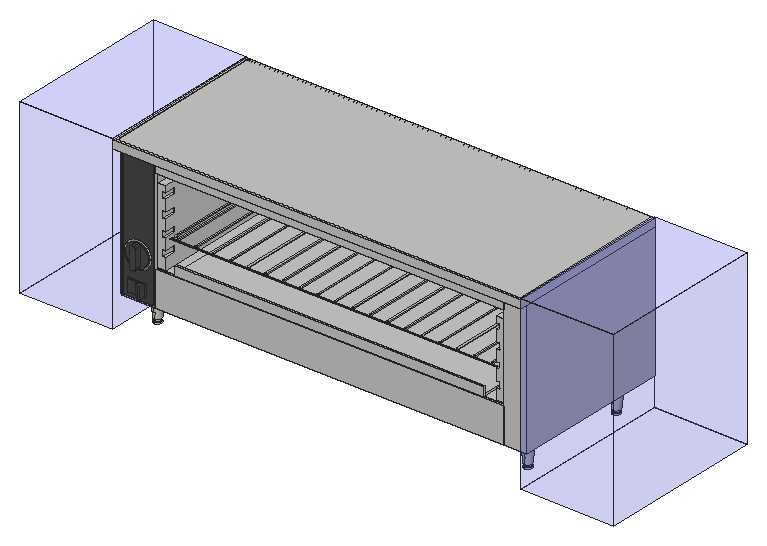
Revit family "QF_Vollrath_CM4-24035", category Specialty Equipment, Revit 2016
Family settings
  Part Type = Normal
  Round Connector Dimension = Use Diameter
  OmniClass Number = 23.40.40.00
  OmniClass Title = Food Service Equipment and Furnishings
  Work Plane-Based = No
  Always vertical = Yes
  Cut with Voids When Loaded = No
  Shared = No
  Room Calculation Point = No
Parameters (values of type "240/60/1")
  Width = 35 1/8"
  Weight in Pounds = 60
  Watts = 3660 W
  Watermarked By = ""
  Volts = 240 V
  URL Cutsheet = ""
  URL = "http://vollrath.com/Vollrath.htm"
  Status [instance] = ""
  Specification by User [instance] = ""
  Specification by Manufacturer [instance] = ""
  Serial Number [instance] = ""
  Revision Code [instance] = ""
  Phase = 1
  Number of Poles [instance] = 1
  NAFEM Spec ID Number [instance] = ""
  Model = "CM4-24035"
  Masterspec [instance] = ""
  Manufacturer = "Vollrath"
  Item Number [instance] = "-"
  Installed By [instance] = ""
  Height = 14 3/4"
  Furnished By [instance] = ""
  Foodservice Equipment Identifier = yes
  FL Amps = 15.3 A
  Electrical Remarks [instance] = ""
  Electric Connection Type = ""
  Elec Conn RI Height [instance] = 0"
  Elec Conn Connection Height = 0"
  Description = "Cheese Melter"
  Depth = 14 3/8"
  Cycle = 60 Hz
  Conn Plug = "NEMA 6-30P"
  CSI MasterFormat = ""
  Assembly Code = "E1090320"
  Apparent Power = if(Phase = 3, Volts * FL Amps * 1.73, Volts * FL Amps)  # 3672 VA
Reference planes (in)
  plane 1 "BACK": y = 0
  plane 2: z = 0
  plane 3 "LEFT": x = -16.56573
  plane 4 "RIGHT": x = 18.55927
  plane 5 "FRONT": y = -14.375
  plane 6 "TOP": z = 14.75
  plane 7: x = 0.99677
  plane 8: y = -6.84375
  plane 9: x = 26.55927
  plane 10: x = -24.56573
  plane 11 "Right Inner": x = 16.55927
  plane 12 "Left Inner": x = -13.44073
  plane 13 "Leg Right": x = 16.93427
  plane 14 "Leg Left": x = -14.94073
  plane 15 "Leg Back": y = -2.09375
  plane 16 "Leg Front": y = -11.59375
  plane 17 "Bottom of Box": z = 2.5
  plane 18 "Bottom of Top": z = 13.9375
  plane 19 "Front of Box": y = -13.75
  plane 20 "Oven Rack": z = 7.8125
Forms (in)
  Extrusion 1, solid, material "QF_Clearance", detail levels medium+fine
    sketch origin (0, 0, 0) x (1, 0, 0) y (0, 1, 0)
      loop
        line (-24.56573, 0) -> (-24.56573, -14.375) -> (-16.56573, -14.375) -> (-16.56573, 0) -> (-24.56573, 0)
      loop
        line (26.55927, 0) -> (18.55927, 0) -> (18.55927, -14.375) -> (26.55927, -14.375) -> (26.55927, 0)
    from 0 to 14.75
  Revolve 2, solid, material "QF_Stainless-Polished"
    sketch origin (-14.94073, 0, 0) x (0, 1, 0) y (0, 0, 1)
      loop
        line (-2.09375, 2.5) -> (-2.09375, 0) -> (-1.76906, 0) -> (-1.76906, 0.0625) -> (-1.89375, 0.0625) -> (-1.89375, 0.2) -> (-1.85375, 0.2) -> (-1.84506, 0.35204) -> (-1.76506, 0.35204) -> (-1.61375, 2.5) -> (-2.09375, 2.5)
      axis (-2.09375, 0) -> (-2.09375, 2.5)
    angle from 0 to 360
  Revolve 3, solid, material "QF_Stainless-Polished"
    sketch origin (-14.94073, 0, 0) x (0, 1, 0) y (0, 0, 1)
      loop
        line (-11.59375, 2.5) -> (-11.59375, 0) -> (-11.26906, 0) -> (-11.26906, 0.0625) -> (-11.39375, 0.0625) -> (-11.39375, 0.2) -> (-11.35375, 0.2) -> (-11.34506, 0.35204) -> (-11.26506, 0.35204) -> (-11.11375, 2.5) -> (-11.59375, 2.5)
      axis (-11.59375, 0) -> (-11.59375, 2.5)
    angle from 0 to 360
  Revolve 4, solid, material "QF_Stainless-Polished"
    sketch origin (16.93427, 0, 0) x (0, 1, 0) y (0, 0, 1)
      loop
        line (-2.09375, 2.5) -> (-2.09375, 0) -> (-1.76906, 0) -> (-1.76906, 0.0625) -> (-1.89375, 0.0625) -> (-1.89375, 0.2) -> (-1.85375, 0.2) -> (-1.84506, 0.35204) -> (-1.76506, 0.35204) -> (-1.61375, 2.5) -> (-2.09375, 2.5)
      axis (-2.09375, 0) -> (-2.09375, 2.5)
    angle from 0 to 360
  Revolve 5, solid, material "QF_Stainless-Polished"
    sketch origin (16.93427, 0, 0) x (0, 1, 0) y (0, 0, 1)
      loop
        line (-11.59375, 2.5) -> (-11.59375, 0) -> (-11.26906, 0) -> (-11.26906, 0.0625) -> (-11.39375, 0.0625) -> (-11.39375, 0.2) -> (-11.35375, 0.2) -> (-11.34506, 0.35204) -> (-11.26506, 0.35204) -> (-11.11375, 2.5) -> (-11.59375, 2.5)
      axis (-11.59375, 0) -> (-11.59375, 2.5)
    angle from 0 to 360
  Sweep 6, solid, material "QF_Stainless-Polished"
    path origin (0, 0, 14.75) x (0, 1, 0) y (-1, 0, 0)
      loop
        line (0, 16.56573) -> (-14.375, 16.56573) -> (-14.375, -18.55927) -> (0, -18.55927) -> (0, 16.56573)
    profile origin (0.99677, 0, 14.75) x (0, 1, 0) y (0, 0, 1)
      loop
        line (0, -0.125) -> (-0.125, 0) -> (-0.8125, 0) -> (-0.8125, -0.125) -> (-0.17678, -0.125) -> (-0.125, -0.17678) -> (-0.125, -0.8125) -> (0, -0.8125) -> (0, -0.125)
  Extrusion 7, solid, material "QF_Stainless-Polished"
    sketch origin (0, 0, 14.75) x (0, 1, 0) y (-1, 0, 0)
      loop
        line (-0.8125, 15.75323) -> (-13.5625, 15.75323) -> (-13.5625, -17.74677) -> (-0.8125, -17.74677) -> (-0.8125, 15.75323)
    from 0 to -0.125
  Extrusion 8, solid, material "QF_Stainless-Polished"
    sketch origin (0, 0, 13.9375) x (0, 1, 0) y (-1, 0, 0)
      loop
        line (-0.125, 16.44073) -> (-14.25, 16.44073) -> (-14.25, -18.43427) -> (-0.125, -18.43427) -> (-0.125, 16.44073)
    from 0 to 0.125
  Extrusion 9, solid, material "QF_Stainless-Polished"
    sketch origin (-16.56573, 0, 0) x (0, 1, 0) y (0, 0, 1)
      loop
        line (0, 13.9375) -> (-13.5, 13.9375) -> (-13.5, 2.5) -> (0, 2.5) -> (0, 13.9375)
      loop
        circle (-6.84375, 7.28125) r 2
    from 0 to 0.25
  Sweep 10, solid, material "QF_Stainless-Polished"
    path origin (-16.56573, 0, 0) x (0, 1, 0) y (0, 0, 1)
      loop
        circle (-6.84375, 7.28125) r 1.75
    profile origin (-16.56573, -6.84375, 9.03125) x (0, 0, -1) y (1, 0, 0)
      loop
        circle (0, 0) r 0.0625
  Sweep 11, solid, material "QF_Stainless-Polished"
    path origin (-16.56573, 0, 0) x (0, 1, 0) y (0, 0, 1)
      loop
        circle (-6.84375, 7.28125) r 1.5
    profile origin (-16.56573, -6.84375, 8.78125) x (0, 0, -1) y (1, 0, 0)
      loop
        circle (0, 0) r 0.0625
  Sweep 12, solid, material "QF_Stainless-Polished"
    path origin (-16.56573, 0, 0) x (0, 1, 0) y (0, 0, 1)
      loop
        circle (-6.84375, 7.28125) r 1.25
    profile origin (-16.56573, -6.84375, 8.53125) x (0, 0, -1) y (1, 0, 0)
      loop
        circle (0, 0) r 0.0625
  Sweep 13, solid, material "QF_Stainless-Polished"
    path origin (-16.56573, 0, 0) x (0, 1, 0) y (0, 0, 1)
      loop
        circle (-6.84375, 7.28125) r 1
    profile origin (-16.56573, -6.84375, 8.28125) x (0, 0, -1) y (1, 0, 0)
      loop
        circle (0, 0) r 0.0625
  Sweep 14, solid, material "QF_Stainless-Polished"
    path origin (-16.56573, 0, 0) x (0, 1, 0) y (0, 0, 1)
      loop
        circle (-6.84375, 7.28125) r 0.75
    profile origin (-16.56573, -6.84375, 8.03125) x (0, 0, -1) y (1, 0, 0)
      loop
        circle (0, 0) r 0.0625
  Sweep 15, solid, material "QF_Stainless-Polished"
    path origin (-16.56573, 0, 0) x (0, 1, 0) y (0, 0, 1)
      loop
        circle (-6.84375, 7.28125) r 0.5
    profile origin (-16.56573, -6.84375, 7.78125) x (0, 0, -1) y (1, 0, 0)
      loop
        circle (0, 0) r 0.0625
  Sweep 16, solid, material "QF_Stainless-Polished"
    path origin (-16.56573, 0, 0) x (0, 1, 0) y (0, 0, 1)
      loop
        circle (-6.84375, 7.28125) r 0.25
    profile origin (-16.56573, -6.84375, 7.53125) x (0, 0, -1) y (1, 0, 0)
      loop
        circle (0, 0) r 0.0625
  Sweep 17, solid, material "QF_Stainless-Polished"
    path origin (-16.56573, 0, 0) x (0, 1, 0) y (0, 0, 1)
      loop
        line (-8.12711, 8.92748) -> (-5.56039, 5.13656)
    profile origin (-16.56573, -6.84375, 7.03202) x (0, 0.828053, 0.56065) y (1, 0, 0)
      loop
        arc (-0.125, 0) -> (0, -0.125) -> (0.125, 0) r 0.125
        line (0.125, 0) -> (-0.125, 0)
  Sweep 18, solid, material "QF_Stainless-Polished"
    path origin (-16.56573, 0, 0) x (0, 1, 0) y (0, 0, 1)
      loop
        line (-5.56039, 8.94762) -> (-8.12711, 5.1567)
    profile origin (-16.56573, -6.84375, 7.05216) x (0, 0.828053, -0.56065) y (1, 0, 0)
      loop
        line (0.125, 0) -> (-0.125, 0)
        arc (-0.125, 0) -> (0, -0.125) -> (0.125, 0) r 0.125
  Extrusion 19, solid, material "QF_Stainless-Polished"
    sketch origin (18.55927, 0, 0) x (0, 1, 0) y (0, 0, 1)
      loop
        line (0, 13.9375) -> (-13.75, 13.9375) -> (-13.75, 2.5) -> (0, 2.5) -> (0, 13.9375)
    from 0 to -0.25
  Extrusion 20, solid, material "QF_Stainless-Polished"
    sketch origin (0, 0, 0) x (1, 0, 0) y (0, 0, 1)
      loop
        line (18.30927, 2.5) -> (18.30927, 13.9375) -> (-16.31573, 13.9375) -> (-16.31573, 2.5) -> (18.30927, 2.5)
    from 0 to 0.25
  Extrusion 21, solid, material "QF_Stainless-Polished"
    sketch origin (0, 0, 2.5) x (0, 1, 0) y (-1, 0, 0)
      loop
        line (-0.25, 16.31573) -> (-13.75, 16.31573) -> (-13.75, -18.30927) -> (-0.25, -18.30927) -> (-0.25, 16.31573)
    from 0 to 0.25
  Extrusion 22, solid, material "QF_Stainless-Polished"
    sketch origin (0, -13.75, 0) x (-1, 0, 0) y (0, 0, 1)
      loop
        line (-18.55927, 2.5) -> (-16.55927, 2.5) -> (-16.55927, 13.9375) -> (-18.55927, 13.9375) -> (-18.55927, 2.5)
    from 0 to 11.25
  Extrusion 23, solid, material "QF_Stainless-Polished"
    sketch origin (0, -13.75, 0) x (-1, 0, 0) y (0, 0, 1)
      loop
        line (-16.55927, 13.9375) -> (-16.55927, 12.9375) -> (13.44073, 12.9375) -> (13.44073, 13.9375) -> (-16.55927, 13.9375)
    from 0 to 0.25
  Extrusion 24, void
    sketch origin (0, -13.75, 0) x (-1, 0, 0) y (0, 0, 1)
      loop
        line (13.44073, 2.75) -> (13.44073, 2.5) -> (16.31573, 2.5) -> (16.31573, 2.75) -> (13.44073, 2.75)
    from 0 to 0.25
  Extrusion 25, solid, material "QF_Stainless-Polished"
    sketch origin (0, -13.75, 0) x (-1, 0, 0) y (0, 0, 1)
      loop
        line (13.44073, 2.5) -> (16.31573, 2.5) -> (16.31573, 13.9375) -> (13.44073, 13.9375) -> (13.44073, 2.5)
      loop
        line (16.19073, 2.75) -> (16.19073, 13.6875)
        arc (16.19073, 13.6875) -> (16.15411, 13.77589) -> (16.06573, 13.8125) r 0.125
        line (16.06573, 13.8125) -> (13.69073, 13.8125)
        arc (13.69073, 13.8125) -> (13.60234, 13.77589) -> (13.56573, 13.6875) r 0.125
        line (13.56573, 13.6875) -> (13.56573, 2.75)
        arc (13.56573, 2.75) -> (13.60234, 2.66161) -> (13.69073, 2.625) r 0.125
        line (13.69073, 2.625) -> (16.06573, 2.625)
        arc (16.06573, 2.625) -> (16.15411, 2.66161) -> (16.19073, 2.75) r 0.125
    from 0 to 0.25
  Extrusion 26, solid, material "QF_Steel-Paint Finish-Black"
    sketch origin (0, -13.75, 0) x (-1, 0, 0) y (0, 0, 1)
      loop
        arc (13.69073, 13.8125) -> (13.60234, 13.77589) -> (13.56573, 13.6875) r 0.125
        line (13.56573, 13.6875) -> (13.56573, 2.75)
        arc (13.56573, 2.75) -> (13.60234, 2.66161) -> (13.69073, 2.625) r 0.125
        line (13.69073, 2.625) -> (16.06573, 2.625)
        arc (16.06573, 2.625) -> (16.15411, 2.66161) -> (16.19073, 2.75) r 0.125
        line (16.19073, 2.75) -> (16.19073, 13.6875)
        arc (16.19073, 13.6875) -> (16.15411, 13.77589) -> (16.06573, 13.8125) r 0.125
        line (16.06573, 13.8125) -> (13.69073, 13.8125)
      loop
        circle (14.87823, 6.125) r 1
      loop
        line (15.69073, 3.125) -> (15.69073, 4.125) -> (14.19073, 4.125) -> (14.19073, 3.125) -> (15.69073, 3.125)
    from 0 to 0.25
  Extrusion 27, void
    sketch origin (0, -13.75, 0) x (-1, 0, 0) y (0, 0, 1)
      loop
        line (13.44073, 2.75) -> (-16.55927, 2.75) -> (-16.55927, 2.5) -> (13.44073, 2.5) -> (13.44073, 2.75)
    from 0 to 0.25
  Extrusion 28, solid, material "QF_Stainless-Polished"
    sketch origin (0, -13.75, 0) x (-1, 0, 0) y (0, 0, 1)
      loop
        line (13.44073, 2.5) -> (13.44073, 5.5) -> (-16.55927, 5.5) -> (-16.55927, 2.5) -> (13.44073, 2.5)
    from 0 to 0.25
  Extrusion 29, solid, material "QF_Stainless-Polished"
    sketch origin (0, -13.75, 0) x (-1, 0, 0) y (0, 0, 1)
      loop
        line (13.44073, 2.75) -> (13.69073, 2.75) -> (13.69073, 13.9375) -> (13.44073, 13.9375) -> (13.44073, 2.75)
    from 0.25 to 13.5
  Extrusion 30, solid, material "QF_Plastic-Black-Coarse"
    sketch origin (0, -13.75, 0) x (-1, 0, 0) y (0, 0, 1)
      loop
        circle (14.87823, 6.125) r 1
      loop
        line (15.69073, 4.125) -> (14.19073, 4.125) -> (14.19073, 3.125) -> (15.69073, 3.125) -> (15.69073, 4.125)
    from 0 to -0.125
  Extrusion 31, solid, material "QF_Plastic-Black-Coarse"
    sketch origin (0, -13.875, 0) x (1, 0, 0) y (0, 0, 1)
      loop
        line (-15.12823, 6.92783) -> (-15.12823, 5.32217)
        arc (-15.12823, 5.32217) -> (-15.09817, 5.24087) -> (-15.02246, 5.19866) r 0.125
        arc (-15.02246, 5.19866) -> (-14.87823, 5.1875) -> (-14.73399, 5.19866) r 0.9375
        arc (-14.73399, 5.19866) -> (-14.65828, 5.24087) -> (-14.62823, 5.32217) r 0.125
        line (-14.62823, 5.32217) -> (-14.62823, 6.92783)
        arc (-14.62823, 6.92783) -> (-14.65828, 7.00913) -> (-14.73399, 7.05134) r 0.125
        arc (-14.73399, 7.05134) -> (-14.87823, 7.0625) -> (-15.02246, 7.05134) r 0.9375
        arc (-15.02246, 7.05134) -> (-15.09817, 7.00913) -> (-15.12823, 6.92783) r 0.125
    from 0 to 0.5
  Extrusion 32, solid, material "QF_Plastic-Black-Coarse"
    sketch origin (-15.69073, -13.75, 4.125) x (1, 0, 0) y (0, 1, 0)
      loop
        line (1.4375, -0.125) -> (0.0625, -0.125) -> (0.0625, -0.22041) -> (0.70081, -0.22041)
        arc (0.70081, -0.22041) -> (0.89215, -0.25847) -> (1.05436, -0.36686) r 0.5
        line (1.05436, -0.36686) -> (1.3125, -0.625) -> (1.4375, -0.625) -> (1.4375, -0.125)
    from 0 to -1
  Extrusion 33, solid, material "QF_Stainless-Polished"
    sketch origin (0, -13.75, 0) x (-1, 0, 0) y (0, 0, 1)
      loop
        line (-16.55927, 5.5625) -> (-15.80927, 5.5625) -> (-15.80927, 12.0625) -> (-16.55927, 12.0625) -> (-16.55927, 5.5625)
      loop
        line (13.44073, 5.5625) -> (13.44073, 12.0625) -> (12.69073, 12.0625) -> (12.69073, 5.5625) -> (13.44073, 5.5625)
    from 0.25 to 13.5
  Sweep 34, solid, material "QF_Stainless-Polished"
    path origin (0, -13.75, 0) x (-1, 0, 0) y (0, 0, 1)
      loop
        circle (14.87823, 6.125) r 1
    profile origin (-14.87823, -13.75, 7.125) x (0, 0, -1) y (0, 1, 0)
      loop
        line (0, 0) -> (-0.125, 0)
        arc (-0.125, 0) -> (-0.0625, -0.0625) -> (0, 0) r 0.0625
  Extrusion 35, solid, material "QF_Stainless-Polished"
    sketch origin (0, 0, 0) x (1, 0, 0) y (0, 0, 1)
      loop
        circle (-14.94073, 4.64039) r 0.25
    from 0 to -0.25
  Extrusion 36, solid, material "QF_Stainless-Polished"
    sketch origin (0, -13.75, 0) x (-1, 0, 0) y (0, 0, 1)
      loop
        line (13.44073, 5.5) -> (-16.55927, 5.5) -> (-16.55927, 2.75) -> (13.44073, 2.75) -> (13.44073, 5.5)
    from 0.25 to 13.5
  Extrusion 37, solid, material "QF_Stainless-Polished"
    sketch origin (0, 0, 0) x (1, 0, 0) y (0, 0, 1)
      loop
        arc (10.99677, 10.96875) -> (10.85033, 11.3223) -> (10.49677, 11.46875) r 0.5
        line (10.49677, 11.46875) -> (-8.50323, 11.46875)
        arc (-8.50323, 11.46875) -> (-8.85678, 11.3223) -> (-9.00323, 10.96875) r 0.5
        line (-9.00323, 10.96875) -> (-9.00323, 6.96875)
        arc (-9.00323, 6.96875) -> (-8.85678, 6.6152) -> (-8.50323, 6.46875) r 0.5
        line (-8.50323, 6.46875) -> (10.49677, 6.46875)
        arc (10.49677, 6.46875) -> (10.85033, 6.6152) -> (10.99677, 6.96875) r 0.5
        line (10.99677, 6.96875) -> (10.99677, 10.96875)
    from 0.25 to 0.5
  Extrusion 38, void
    sketch origin (0, -13.5, 0) x (-1, 0, 0) y (0, 0, 1)
      loop
        line (12.69073, 6.5625) -> (12.94073, 6.5625) -> (12.94073, 7.0625) -> (12.69073, 7.0625) -> (12.69073, 6.5625)
      loop
        line (12.69073, 8.0625) -> (12.94073, 8.0625) -> (12.94073, 8.5625) -> (12.69073, 8.5625) -> (12.69073, 8.0625)
      loop
        line (12.69073, 9.5625) -> (12.94073, 9.5625) -> (12.94073, 10.0625) -> (12.69073, 10.0625) -> (12.69073, 9.5625)
      loop
        line (12.69073, 11.0625) -> (12.94073, 11.0625) -> (12.94073, 11.5625) -> (12.69073, 11.5625) -> (12.69073, 11.0625)
      loop
        line (-15.80927, 6.5625) -> (-15.80927, 7.0625) -> (-16.05927, 7.0625) -> (-16.05927, 6.5625) -> (-15.80927, 6.5625)
      loop
        line (-15.80927, 8.0625) -> (-15.80927, 8.5625) -> (-16.05927, 8.5625) -> (-16.05927, 8.0625) -> (-15.80927, 8.0625)
      loop
        line (-15.80927, 9.5625) -> (-15.80927, 10.0625) -> (-16.05927, 10.0625) -> (-16.05927, 9.5625) -> (-15.80927, 9.5625)
      loop
        line (-15.80927, 11.0625) -> (-15.80927, 11.5625) -> (-16.05927, 11.5625) -> (-16.05927, 11.0625) -> (-15.80927, 11.0625)
    from 0 to 1
  Extrusion 39, solid, material "QF_Stainless-Polished"
    sketch origin (0, -13.75, 0) x (-1, 0, 0) y (0, 0, 1)
      loop
        line (11.69073, 5.625) -> (11.69073, 6.375) -> (-14.80927, 6.375) -> (-14.80927, 5.625) -> (11.69073, 5.625)
    from 0 to 0.125
  Extrusion 40, solid, material "QF_Stainless-Polished"
    sketch origin (0, -13.75, 0) x (-1, 0, 0) y (0, 0, 1)
      loop
        line (11.69073, 5.625) -> (11.69073, 5.75) -> (-14.80927, 5.75) -> (-14.80927, 5.625) -> (11.69073, 5.625)
    from 0.125 to 12
  Sweep 41, solid, material "QF_Stainless-Polished"
    path origin (0, 0, 7.8125) x (0, 1, 0) y (-1, 0, 0)
      loop
        arc (-1.75, 12.5077) -> (-1.78661, 12.59609) -> (-1.875, 12.6327) r 0.125
        line (-1.875, 12.6327) -> (-12.48839, 12.6327)
        arc (-12.48839, 12.6327) -> (-12.56402, 12.65817) -> (-12.60883, 12.72421) r 0.125
        arc (-12.60883, 12.72421) -> (-12.65363, 12.79025) -> (-12.72926, 12.81573) r 0.125
        line (-12.72926, 12.81573) -> (-12.875, 12.81573)
        arc (-12.875, 12.81573) -> (-12.96339, 12.77911) -> (-13, 12.69073) r 0.125
        line (-13, 12.69073) -> (-13, -15.80927)
        arc (-13, -15.80927) -> (-12.96339, -15.89766) -> (-12.875, -15.93427) r 0.125
        line (-12.875, -15.93427) -> (-12.73839, -15.93427)
        arc (-12.73839, -15.93427) -> (-12.66277, -15.9088) -> (-12.61796, -15.84276) r 0.125
        arc (-12.61796, -15.84276) -> (-12.57316, -15.77672) -> (-12.49753, -15.75125) r 0.125
        line (-12.49753, -15.75125) -> (-1.875, -15.75125)
        arc (-1.875, -15.75125) -> (-1.78661, -15.71463) -> (-1.75, -15.62625) r 0.125
        line (-1.75, -15.62625) -> (-1.75, 12.5077)
    profile origin (1.55927, -1.75, 7.8125) x (0, 1, 0) y (0, 0, 1)
      loop
        circle (0, 0) r 0.0625
  Extrusion 42, solid, material "QF_Stainless-Polished"
    sketch origin (0, -13.75, 0) x (-1, 0, 0) y (0, 0, 1)
      loop
        circle (12.02244, 7.9375) r 0.0625
    from 0.75136 to 12
  Extrusion 43, solid, material "QF_Stainless-Polished"
    sketch origin (1.5, -13.75, 0) x (-1, 0, 0) y (0, 0, 1)
      loop
        circle (12.02244, 7.9375) r 0.0625
    from 0.75136 to 12
  Extrusion 44, solid, material "QF_Stainless-Polished"
    sketch origin (3, -13.75, 0) x (-1, 0, 0) y (0, 0, 1)
      loop
        circle (12.02244, 7.9375) r 0.0625
    from 0.75136 to 12
  Extrusion 45, solid, material "QF_Stainless-Polished"
    sketch origin (4.5, -13.75, 0) x (-1, 0, 0) y (0, 0, 1)
      loop
        circle (12.02244, 7.9375) r 0.0625
    from 0.75136 to 12
  Extrusion 46, solid, material "QF_Stainless-Polished"
    sketch origin (6, -13.75, 0) x (-1, 0, 0) y (0, 0, 1)
      loop
        circle (12.02244, 7.9375) r 0.0625
    from 0.75136 to 12
  Extrusion 47, solid, material "QF_Stainless-Polished"
    sketch origin (7.5, -13.75, 0) x (-1, 0, 0) y (0, 0, 1)
      loop
        circle (12.02244, 7.9375) r 0.0625
    from 0.75136 to 12
  Extrusion 48, solid, material "QF_Stainless-Polished"
    sketch origin (9, -13.75, 0) x (-1, 0, 0) y (0, 0, 1)
      loop
        circle (12.02244, 7.9375) r 0.0625
    from 0.75136 to 12
  Extrusion 49, solid, material "QF_Stainless-Polished"
    sketch origin (10.5, -13.75, 0) x (-1, 0, 0) y (0, 0, 1)
      loop
        circle (12.02244, 7.9375) r 0.0625
    from 0.75136 to 12
  Extrusion 50, solid, material "QF_Stainless-Polished"
    sketch origin (12, -13.75, 0) x (-1, 0, 0) y (0, 0, 1)
      loop
        circle (12.02244, 7.9375) r 0.0625
    from 0.75136 to 12
  Extrusion 51, solid, material "QF_Stainless-Polished"
    sketch origin (13.5, -13.75, 0) x (-1, 0, 0) y (0, 0, 1)
      loop
        circle (12.02244, 7.9375) r 0.0625
    from 0.75136 to 12
  Extrusion 52, solid, material "QF_Stainless-Polished"
    sketch origin (15, -13.75, 0) x (-1, 0, 0) y (0, 0, 1)
      loop
        circle (12.02244, 7.9375) r 0.0625
    from 0.75136 to 12
  Extrusion 53, solid, material "QF_Stainless-Polished"
    sketch origin (16.5, -13.75, 0) x (-1, 0, 0) y (0, 0, 1)
      loop
        circle (12.02244, 7.9375) r 0.0625
    from 0.75136 to 12
  Extrusion 54, solid, material "QF_Stainless-Polished"
    sketch origin (18, -13.75, 0) x (-1, 0, 0) y (0, 0, 1)
      loop
        circle (12.02244, 7.9375) r 0.0625
    from 0.75136 to 12
  Extrusion 55, solid, material "QF_Stainless-Polished"
    sketch origin (19.5, -13.75, 0) x (-1, 0, 0) y (0, 0, 1)
      loop
        circle (12.02244, 7.9375) r 0.0625
    from 0.75136 to 12
  Extrusion 56, solid, material "QF_Stainless-Polished"
    sketch origin (21, -13.75, 0) x (-1, 0, 0) y (0, 0, 1)
      loop
        circle (12.02244, 7.9375) r 0.0625
    from 0.75136 to 12
  Extrusion 57, solid, material "QF_Stainless-Polished"
    sketch origin (22.5, -13.75, 0) x (-1, 0, 0) y (0, 0, 1)
      loop
        circle (12.02244, 7.9375) r 0.0625
    from 0.75136 to 12
  Extrusion 58, solid, material "QF_Stainless-Polished"
    sketch origin (24, -13.75, 0) x (-1, 0, 0) y (0, 0, 1)
      loop
        circle (12.02244, 7.9375) r 0.0625
    from 0.75136 to 12
  Extrusion 59, solid, material "QF_Stainless-Polished"
    sketch origin (25.5, -13.75, 0) x (-1, 0, 0) y (0, 0, 1)
      loop
        circle (12.02244, 7.9375) r 0.0625
    from 0.75136 to 12
  Extrusion 60, solid, material "QF_Stainless-Polished"
    sketch origin (27, -13.75, 0) x (-1, 0, 0) y (0, 0, 1)
      loop
        circle (12.02244, 7.9375) r 0.0625
    from 0.75136 to 12
Cuts and joins
  joined: Sweep 6, Extrusion 7, Extrusion 8
  Extrusion 24, Extrusion 27 cuts Extrusion 9
  Extrusion 24, Extrusion 27 cuts Extrusion 19
  Extrusion 24, Extrusion 27 cuts Extrusion 20
  Extrusion 24, Extrusion 27 cuts Extrusion 21
  Extrusion 24, Extrusion 27 cuts Extrusion 22
  joined: Extrusion 9, Extrusion 19, Extrusion 20, Extrusion 21, Extrusion 22
  Extrusion 24 cuts Revolve 2
  Extrusion 24 cuts Revolve 3
  Extrusion 27 cuts Extrusion 25
  Extrusion 38 cuts Extrusion 33
Lines and regions (in)
  symbolic lines, style "QF_Clearances_Code Mandatory"
    curve 1: line (-24.56573, 0, 0) -> (-16.56573, 0, 0)
    curve 2: line (-24.56573, -14.375, 0) -> (-24.56573, 0, 0)
    curve 3: line (-16.56573, -14.375, 0) -> (-24.56573, -14.375, 0)
    curve 5: line (26.55927, 0, 0) -> (18.55927, 0, 0)
    curve 6: line (26.55927, -14.375, 0) -> (26.55927, 0, 0)
    curve 7: line (18.55927, -14.375, 0) -> (26.55927, -14.375, 0)
  symbolic lines, style "SpecialityEquipment"
    curve 4: line (-16.56573, 0, 0) -> (-16.56573, -14.375, 0)
    curve 8: line (18.55927, 0, 0) -> (18.55927, -14.375, 0)
  symbolic lines
    curve 9: line (18.55927, 0, 2.5) -> (-16.56573, 0, 2.5)
    curve 10: line (-16.56573, -14.375, 2.5) -> (18.55927, -14.375, 2.5)
  symbolic lines, style "QF_Details_Undercounter"
    curve 11: line (-16.31573, -13.75, 2.5) -> (18.55927, -13.75, 2.5)
    curve 12: line (-16.31573, -13.5, 2.5) -> (-16.31573, -13.75, 2.5)
    curve 13: line (-16.31573, -13.5, 2.5) -> (-16.56573, -13.5, 2.5)
Dimensions and locks (in)
  "Depth": plane 5 "FRONT" to plane 1 "BACK"
  "Height": plane 6 "TOP" to plane 2
  "Width": plane 4 "RIGHT" to plane 3 "LEFT"
  equal spacing: plane 3 "LEFT", plane 7, plane 4 "RIGHT"
  locked: plane 10 to plane 3 "LEFT" at 8
  locked: plane 4 "RIGHT" to plane 9 at 8
  locked: plane 3 "LEFT" to plane 14 "Leg Left" at 1.625
  locked: plane 13 "Leg Right" to plane 4 "RIGHT" at 1.625
  locked: plane 6 "TOP" to plane 18 "Bottom of Top" at 0.8125
  locked: plane 19 "Front of Box" to plane 5 "FRONT" at 0.625
  locked: Extrusion 9 sketch curve to plane 19 "Front of Box" at 0.25
  locked: plane 3 "LEFT" to plane 12 "Left Inner" at 3.125
  locked: plane 17 "Bottom of Box" to level at 2.5
  locked: plane 11 "Right Inner" to plane 4 "RIGHT" at 2
  equal spacing: plane 16 "Leg Front", plane 8, plane 15 "Leg Back"
  plane 16 "Leg Front" to plane 15 "Leg Back" = 9 1/2"
  plane 20 "Oven Rack" to plane 17 "Bottom of Box" = 5 5/16"
  equal spacing: group 1, group 2, group 3, group 4, group 5, group 6, group 7, group 8, group 9, group 10, group 11, group 12, group 13, group 14, group 15, group 16, group 17, group 18, group 19  (x3)
  plane 12 "Left Inner" to plane 11 "Right Inner" = 30"
  aligned and locked: level to plane 2
  aligned and locked: plane 1 "BACK" to Extrusion 1 sketch curve
  aligned and locked: plane 10 to Extrusion 1 sketch curve
  aligned and locked: plane 5 "FRONT" to Extrusion 1 sketch curve
  aligned and locked: Extrusion 1 sketch curve to plane 3 "LEFT"
  aligned and locked: Extrusion 1 sketch curve to plane 1 "BACK"
  aligned and locked: plane 9 to Extrusion 1 sketch curve
  aligned and locked: Extrusion 1 sketch curve to plane 5 "FRONT"
  aligned and locked: Extrusion 1 sketch curve to plane 4 "RIGHT"
  aligned and locked: curve 1 to Extrusion 1
  aligned and locked: curve 2 to Extrusion 1
  aligned and locked: curve 3 to Extrusion 1
  aligned and locked: curve 4 to Extrusion 1
  aligned and locked: curve 5 to Extrusion 1
  aligned and locked: curve 6 to Extrusion 1
  aligned and locked: curve 7 to Extrusion 1
  aligned and locked: curve 8 to Extrusion 1
  aligned and locked: plane 6 "TOP" to Extrusion 1
  aligned and locked: plane 15 "Leg Back" to Revolve 2 sketch curve
  aligned and locked: plane 16 "Leg Front" to Revolve 3 sketch curve
  aligned and locked: plane 17 "Bottom of Box" to Revolve 3 sketch curve
  aligned and locked: plane 17 "Bottom of Box" to Revolve 2 sketch curve
  aligned and locked: plane 17 "Bottom of Box" to Revolve 4 sketch curve
  aligned and locked: plane 15 "Leg Back" to Revolve 4 sketch curve
  aligned and locked: plane 17 "Bottom of Box" to Revolve 5 sketch curve
  aligned and locked: plane 16 "Leg Front" to Revolve 5 sketch curve
  aligned and locked: Sweep 6 sketch curve to Extrusion 1  (x4)
  aligned and locked: Sweep 6 sketch curve to plane 1 "BACK"
  aligned and locked: Sweep 6 sketch curve to plane 6 "TOP"
  aligned and locked: Extrusion 7 sketch curve to Sweep 6  (x4)
  aligned and locked: Extrusion 8 sketch curve to cut or joined group of Sweep 6, Extrusion 7, Extrusion 8  (x3)
  aligned and locked: Extrusion 9 sketch curve to cut or joined group of Sweep 6, Extrusion 7, Extrusion 8  (x2)
  aligned and locked: Extrusion 9 sketch curve to plane 17 "Bottom of Box"
  aligned and locked: Extrusion 19 sketch curve to cut or joined group of Sweep 6, Extrusion 7, Extrusion 8
  aligned and locked: Extrusion 19 sketch curve to Extrusion 9  (x2)
  aligned and locked: Extrusion 20 sketch curve to Extrusion 19  (x2)
  aligned and locked: Extrusion 9 to Extrusion 20 sketch curve
  aligned and locked: Extrusion 20 sketch curve to Extrusion 9
  aligned and locked: Extrusion 21 sketch curve to Extrusion 20  (x2)
  aligned and locked: Extrusion 19 to Extrusion 21 sketch curve  (x2)
  aligned and locked: Extrusion 22 sketch curve to Extrusion 19  (x2)
  aligned and locked: plane 18 "Bottom of Top" to Extrusion 22 sketch curve
  aligned and locked: Extrusion 22 sketch curve to plane 11 "Right Inner"
  aligned and locked: Extrusion 23 sketch curve to plane 11 "Right Inner"
  aligned and locked: plane 12 "Left Inner" to Extrusion 23 sketch curve
  aligned and locked: Extrusion 23 sketch curve to plane 18 "Bottom of Top"
  aligned and locked: Extrusion 24 sketch curve to cut or joined group of Extrusion 9, Extrusion 19, Extrusion 20, Extrusion 21, Extrusion 22, Extrusion 24, Extrusion 27  (x3)
  aligned and locked: Extrusion 24 sketch curve to plane 12 "Left Inner"
  aligned and locked: cut or joined group of Extrusion 9, Extrusion 19, Extrusion 20, Extrusion 21, Extrusion 22, Extrusion 24, Extrusion 27 to Extrusion 25 sketch curve  (x2)
  aligned and locked: Extrusion 25 sketch curve to cut or joined group of Extrusion 9, Extrusion 19, Extrusion 20, Extrusion 21, Extrusion 22, Extrusion 24, Extrusion 27  (x2)
  aligned and locked: Extrusion 26 sketch curve to Extrusion 25  (x4)
  aligned and locked: cut or joined group of Extrusion 9, Extrusion 19, Extrusion 20, Extrusion 21, Extrusion 22, Extrusion 24, Extrusion 27 to Extrusion 27 sketch curve
  aligned and locked: Extrusion 27 sketch curve to cut or joined group of Extrusion 9, Extrusion 19, Extrusion 20, Extrusion 21, Extrusion 22, Extrusion 24, Extrusion 27
  aligned and locked: Extrusion 27 sketch curve to plane 17 "Bottom of Box"
  aligned and locked: plane 11 "Right Inner" to Extrusion 27 sketch curve
  aligned and locked: Extrusion 28 sketch curve to plane 17 "Bottom of Box"
  aligned and locked: Extrusion 28 sketch curve to cut or joined group of Extrusion 9, Extrusion 19, Extrusion 20, Extrusion 21, Extrusion 22, Extrusion 24, Extrusion 27
  aligned and locked: plane 12 "Left Inner" to Extrusion 28 sketch curve
  aligned and locked: plane 18 "Bottom of Top" to Extrusion 29 sketch curve
  aligned and locked: cut or joined group of Extrusion 9, Extrusion 19, Extrusion 20, Extrusion 21, Extrusion 22, Extrusion 24, Extrusion 27 to Extrusion 29
  aligned and locked: Extrusion 29 to cut or joined group of Extrusion 9, Extrusion 19, Extrusion 20, Extrusion 21, Extrusion 22, Extrusion 24, Extrusion 27
  aligned and locked: cut or joined group of Extrusion 9, Extrusion 19, Extrusion 20, Extrusion 21, Extrusion 22, Extrusion 24, Extrusion 27 to Extrusion 29 sketch curve
  aligned and locked: Extrusion 30 sketch curve to Extrusion 26  (x4)
  aligned and locked: cut or joined group of Extrusion 9, Extrusion 19, Extrusion 20, Extrusion 21, Extrusion 22, Extrusion 24, Extrusion 27 to Extrusion 33
  aligned and locked: Extrusion 33 to cut or joined group of Extrusion 9, Extrusion 19, Extrusion 20, Extrusion 21, Extrusion 22, Extrusion 24, Extrusion 27
  aligned and locked: curve 9 to cut or joined group of Extrusion 9, Extrusion 19, Extrusion 20, Extrusion 21, Extrusion 22, Extrusion 24, Extrusion 27
  aligned and locked: curve 10 to cut or joined group of Sweep 6, Extrusion 7, Extrusion 8
  aligned and locked: curve 11 to Extrusion 23
  aligned and locked: curve 12 to cut or joined group of Extrusion 25, Extrusion 27
  aligned and locked: plane 11 "Right Inner" to Extrusion 33 sketch curve
  aligned and locked: Extrusion 36 sketch curve to Extrusion 28
  aligned and locked: Extrusion 28 to Extrusion 36 sketch curve
  aligned and locked: Extrusion 36 sketch curve to cut or joined group of Extrusion 9, Extrusion 19, Extrusion 20, Extrusion 21, Extrusion 22, Extrusion 24, Extrusion 27  (x2)
Automatic sketch dimensions
  profile plane to Sweep 6 sketch curve = 1/8"
  Sweep 6 sketch curve to Sweep 6 sketch curve = 0.05178"  (x4)
  Sweep 6 sketch curve to plane 6 "TOP" = 1/8"
  Sweep 6 sketch curve to Sweep 6 sketch curve = 0.63572"  (x2)
  plane 1 "BACK" to Extrusion 8 sketch curve = 1/8"
  Extrusion 9 sketch curve to plane 8 = 0"
  plane 17 "Bottom of Box" to Extrusion 9 sketch curve = 4 25/32"
  Sweep 10 sketch curve to plane 3 "LEFT" = 0"
  Sweep 10 sketch curve to profile plane = 0"
  Sweep 10 sketch curve to plane 8 = 0"
  plane 17 "Bottom of Box" to Sweep 10 sketch curve = 4 25/32"
  Sweep 11 sketch curve to plane 8 = 0"
  plane 17 "Bottom of Box" to Sweep 11 sketch curve = 4 25/32"
  Sweep 11 sketch curve to plane 3 "LEFT" = 0"
  Sweep 11 sketch curve to profile plane = 0"
  Sweep 12 sketch curve to plane 8 = 0"
  plane 17 "Bottom of Box" to Sweep 12 sketch curve = 4 25/32"
  Sweep 12 sketch curve to plane 3 "LEFT" = 0"
  Sweep 12 sketch curve to profile plane = 0"
  Sweep 13 sketch curve to plane 8 = 0"
  plane 17 "Bottom of Box" to Sweep 13 sketch curve = 4 25/32"
  Sweep 13 sketch curve to plane 3 "LEFT" = 0"
  Sweep 13 sketch curve to profile plane = 0"
  Sweep 14 sketch curve to plane 8 = 0"
  plane 17 "Bottom of Box" to Sweep 14 sketch curve = 4 25/32"
  Sweep 14 sketch curve to plane 3 "LEFT" = 0"
  Sweep 14 sketch curve to profile plane = 0"
  Sweep 15 sketch curve to plane 8 = 0"
  plane 17 "Bottom of Box" to Sweep 15 sketch curve = 4 25/32"
  Sweep 15 sketch curve to plane 3 "LEFT" = 0"
  Sweep 15 sketch curve to profile plane = 0"
  Sweep 16 sketch curve to plane 8 = 0"
  plane 17 "Bottom of Box" to Sweep 16 sketch curve = 4 25/32"
  Sweep 16 sketch curve to plane 3 "LEFT" = 0"
  Sweep 16 sketch curve to profile plane = 0"
  Sweep 17 sketch curve to plane 3 "LEFT" = 0"
  Sweep 17 sketch curve to profile plane = 0"
  profile plane to Sweep 17 sketch curve = 1/8"
  plane 8 to Sweep 18 sketch curve = 1.28336"
  plane 17 "Bottom of Box" to Sweep 18 sketch curve = 2.6567"
  Sweep 18 sketch curve to plane 8 = 1.28336"
  Sweep 18 sketch curve to plane 18 "Bottom of Top" = 4.98988"
  Sweep 18 sketch curve to plane 3 "LEFT" = 0"
  Sweep 18 sketch curve to profile plane = 0"
  Sweep 18 sketch curve to Sweep 18 sketch curve = 1/8"
  Extrusion 19 sketch curve to plane 19 "Front of Box" = 0"
  Extrusion 25 sketch curve to plane 12 "Left Inner" = 1/8"
  Extrusion 25 sketch curve to plane 18 "Bottom of Top" = 1/8"
  Extrusion 25 sketch curve to Extrusion 25 sketch curve = 1/8"  (x3)
  plane 17 "Bottom of Box" to Extrusion 25 sketch curve = 1/8"
  Extrusion 25 sketch curve to Extrusion 25 sketch curve = 1/4"  (x2)
  Extrusion 26 sketch curve to Extrusion 26 sketch curve = 1/8"  (x4)
  plane 14 "Leg Left" to Extrusion 26 sketch curve = 1/16"
  Extrusion 26 sketch curve to Extrusion 26 sketch curve = 3 3/8"
  Extrusion 26 sketch curve to plane 12 "Left Inner" = 3/4"
  Extrusion 26 sketch curve to Extrusion 26 sketch curve = 3/8"  (x2)
  Extrusion 26 sketch curve to Extrusion 26 sketch curve = 1"
  Extrusion 29 sketch curve to plane 12 "Left Inner" = 1/4"
  Extrusion 29 sketch curve to plane 12 "Left Inner" = 0"
  plane 14 "Leg Left" to Extrusion 30 sketch curve = 1/16"
  Extrusion 30 sketch curve to Extrusion 30 sketch curve = 2"
  Extrusion 31 sketch curve to Extrusion 30 = 11/16"  (x2)
  Extrusion 31 sketch curve to Extrusion 31 sketch curve = 1/4"  (x2)
  Extrusion 31 sketch curve to Extrusion 31 sketch curve = 1/8"  (x2)
  Extrusion 31 sketch curve to Extrusion 31 sketch curve = 0"  (x3)
  Extrusion 31 sketch curve to Extrusion 31 sketch curve = 0.80283"
  Extrusion 30 to Extrusion 32 sketch curve = 1/8"
  Extrusion 32 sketch curve to Extrusion 30 = 0.09541"
  Extrusion 30 to Extrusion 32 sketch curve = 1/16"  (x2)
  Extrusion 30 to Extrusion 32 sketch curve = 0.70081"
  Extrusion 32 sketch curve to Extrusion 30 = 0.24186"
  Extrusion 32 sketch curve to Extrusion 32 sketch curve = 0.35355"
  Extrusion 30 to Extrusion 32 sketch curve = 3/16"
  Extrusion 32 sketch curve to Extrusion 32 sketch curve = 0.25814"
  plane 14 "Leg Left" to Sweep 34 sketch curve = 1/16"
  plane 17 "Bottom of Box" to Sweep 34 sketch curve = 3 5/8"
  Sweep 34 sketch curve to plane 19 "Front of Box" = 0"
  Sweep 34 sketch curve to profile plane = 0"
  profile plane to Sweep 34 sketch curve = 1/16"
  Extrusion 35 sketch curve to plane 14 "Leg Left" = 0"
  plane 17 "Bottom of Box" to Extrusion 35 sketch curve = 2.14039"
  curve 13 to plane 3 "LEFT" = 0"
  curve 9 to plane 4 "RIGHT" = 0"
  curve 11 to plane 4 "RIGHT" = 0"
  curve 10 to plane 4 "RIGHT" = 0"
  curve 9 to plane 3 "LEFT" = 0"
  curve 10 to plane 3 "LEFT" = 0"
  plane 19 "Front of Box" to curve 12 = 1/4"
  Extrusion 28 sketch curve to Extrusion 28 sketch curve = 3"
  Extrusion 23 sketch curve to plane 18 "Bottom of Top" = 1"
  plane 8 to Sweep 17 sketch curve = 1.28336"
  Sweep 17 sketch curve to plane 8 = 1.28336"
  plane 17 "Bottom of Box" to Sweep 17 sketch curve = 2.63656"
  Sweep 17 sketch curve to plane 18 "Bottom of Top" = 5.01002"
  Extrusion 33 sketch curve to Extrusion 33 sketch curve = 3/4"
  plane 12 "Left Inner" to Extrusion 33 sketch curve = 3/4"
  plane 14 "Leg Left" to Extrusion 33 sketch curve = 1 1/2"
  plane 17 "Bottom of Box" to Extrusion 33 sketch curve = 3 1/16"  (x2)
  Extrusion 33 sketch curve to plane 18 "Bottom of Top" = 1 7/8"  (x2)
  plane 12 "Left Inner" to Extrusion 37 sketch curve = 4 7/16"
  Extrusion 37 sketch curve to Extrusion 37 sketch curve = 1/2"  (x3)
  Extrusion 37 sketch curve to plane 11 "Right Inner" = 6 1/16"
  Extrusion 37 sketch curve to Extrusion 37 sketch curve = 0"
  Extrusion 37 sketch curve to plane 18 "Bottom of Top" = 2 31/32"
  Extrusion 37 sketch curve to Extrusion 37 sketch curve = 4"
  Extrusion 33 to Extrusion 38 sketch curve = 0"  (x4)
  Extrusion 38 sketch curve to Extrusion 33 = 0"  (x2)
  Extrusion 38 sketch curve to Extrusion 38 sketch curve = 0"  (x2)
  Extrusion 38 sketch curve to Extrusion 38 sketch curve = 1/4"  (x8)
  Extrusion 33 to Extrusion 38 sketch curve = 1"  (x2)
  Extrusion 38 sketch curve to Extrusion 38 sketch curve = 1/2"  (x8)
  Extrusion 38 sketch curve to Extrusion 38 sketch curve = 1"  (x6)
  Extrusion 39 sketch curve to plane 11 "Right Inner" = 1 3/4"
  plane 12 "Left Inner" to Extrusion 39 sketch curve = 1 3/4"
  plane 17 "Bottom of Box" to Extrusion 39 sketch curve = 3 1/8"
  Extrusion 39 sketch curve to Extrusion 39 sketch curve = 3/4"
  plane 12 "Left Inner" to Extrusion 40 sketch curve = 1 3/4"
  plane 17 "Bottom of Box" to Extrusion 40 sketch curve = 3 1/8"
  Extrusion 40 sketch curve to Extrusion 40 sketch curve = 1/8"
  Extrusion 40 sketch curve to plane 11 "Right Inner" = 1 3/4"
  plane 19 "Front of Box" to Sweep 41 sketch curve = 3/4"
  Sweep 41 sketch curve to Sweep 41 sketch curve = 1/8"  (x7)
  Sweep 41 sketch curve to Sweep 41 sketch curve = 0.13661"
  Sweep 41 sketch curve to Sweep 41 sketch curve = 0.14574"
  Sweep 41 sketch curve to Sweep 41 sketch curve = 0.24086"  (x2)
  Sweep 41 sketch curve to plane 15 "Leg Back" = 7/32"  (x2)
  Sweep 41 sketch curve to plane 11 "Right Inner" = 5/8"
  Sweep 41 sketch curve to Sweep 41 sketch curve = 0.05803"  (x2)
  plane 12 "Left Inner" to Sweep 41 sketch curve = 0.93303"
  Sweep 41 sketch curve to plane 20 "Oven Rack" = 0"
  Sweep 41 sketch curve to profile plane = 0"
  Revolve 2 sketch curve to plane 15 "Leg Back" = 0"
  Revolve 2 sketch curve to level = 0"  (x2)
  Revolve 2 sketch curve to plane 17 "Bottom of Box" = 0"
  Revolve 2 sketch curve to Revolve 2 sketch curve = 0.32469"
  Revolve 2 sketch curve to Revolve 2 sketch curve = 0.04"
  Revolve 2 sketch curve to Revolve 2 sketch curve = 0.00869"
  Revolve 2 sketch curve to Revolve 2 sketch curve = 0.08"
  Revolve 2 sketch curve to Revolve 2 sketch curve = 0.48"
  level to Revolve 2 sketch curve = 0.2"
  Revolve 2 sketch curve to Revolve 2 sketch curve = 0.15204"
  Revolve 2 sketch curve to Revolve 2 sketch curve = 1/16"
  Revolve 2 sketch curve to Revolve 2 sketch curve = 0.12469"
  Revolve 4 sketch curve to level = 0"  (x2)
  Revolve 4 sketch curve to plane 15 "Leg Back" = 0"
  Revolve 4 sketch curve to plane 17 "Bottom of Box" = 0"
  Revolve 4 sketch curve to plane 15 "Leg Back" = 0.2"
  Revolve 4 sketch curve to Revolve 4 sketch curve = 0.04869"
  Revolve 4 sketch curve to Revolve 4 sketch curve = 0.12469"
  Revolve 4 sketch curve to Revolve 4 sketch curve = 0.08"
  Revolve 4 sketch curve to Revolve 4 sketch curve = 0.48"
  Revolve 4 sketch curve to Revolve 4 sketch curve = 1/16"
  Revolve 4 sketch curve to Revolve 4 sketch curve = 0.1375"
  Revolve 4 sketch curve to Revolve 4 sketch curve = 0.15204"
  Revolve 4 sketch curve to Revolve 4 sketch curve = 0.04"
  Revolve 3 sketch curve to level = 0"  (x2)
  Revolve 3 sketch curve to plane 16 "Leg Front" = 0"
  Revolve 3 sketch curve to plane 17 "Bottom of Box" = 0"
  Revolve 3 sketch curve to plane 16 "Leg Front" = 0.2"
  Revolve 3 sketch curve to Revolve 3 sketch curve = 0.04869"
  Revolve 3 sketch curve to Revolve 3 sketch curve = 0.12469"
  Revolve 3 sketch curve to Revolve 3 sketch curve = 0.08"
  Revolve 3 sketch curve to Revolve 3 sketch curve = 0.48"
  level to Revolve 3 sketch curve = 1/16"
  Revolve 3 sketch curve to Revolve 3 sketch curve = 0.1375"
  Revolve 3 sketch curve to Revolve 3 sketch curve = 0.15204"
  Revolve 3 sketch curve to Revolve 3 sketch curve = 0.04"
  Revolve 5 sketch curve to level = 0"  (x2)
  Revolve 5 sketch curve to plane 16 "Leg Front" = 0"
  Revolve 5 sketch curve to plane 17 "Bottom of Box" = 0"
  Revolve 5 sketch curve to plane 16 "Leg Front" = 0.2"
  Revolve 5 sketch curve to Revolve 5 sketch curve = 0.04"
  Revolve 5 sketch curve to Revolve 5 sketch curve = 0.00869"
  Revolve 5 sketch curve to Revolve 5 sketch curve = 0.12469"
  Revolve 5 sketch curve to Revolve 5 sketch curve = 0.08"
  Revolve 5 sketch curve to Revolve 5 sketch curve = 0.48"
  level to Revolve 5 sketch curve = 1/16"
  Revolve 5 sketch curve to Revolve 5 sketch curve = 0.1375"
  Revolve 5 sketch curve to Revolve 5 sketch curve = 0.15204"
  radius of Extrusion 9 sketch curve = 2"
  radius of Sweep 10 sketch curve = 1/16"
  radius of Sweep 10 sketch curve = 1 3/4"
  radius of Sweep 11 sketch curve = 1 1/2"
  radius of Sweep 11 sketch curve = 1/16"
  radius of Sweep 12 sketch curve = 1 1/4"
  radius of Sweep 12 sketch curve = 1/16"
  radius of Sweep 13 sketch curve = 1"
  radius of Sweep 13 sketch curve = 1/16"
  radius of Sweep 14 sketch curve = 3/4"
  radius of Sweep 14 sketch curve = 1/16"
  radius of Sweep 15 sketch curve = 1/2"
  radius of Sweep 15 sketch curve = 1/16"
  radius of Sweep 16 sketch curve = 1/4"
  radius of Sweep 16 sketch curve = 1/16"
  radius of Extrusion 26 sketch curve = 1"
  radius of Extrusion 30 sketch curve = 1"
  radius of Extrusion 31 sketch curve to Extrusion 30 = 1/16"  (x2)
  radius of Sweep 34 sketch curve = 1"
  radius of Extrusion 35 sketch curve = 1/4"
  radius of Sweep 41 sketch curve = 1/16"
  radius of Extrusion 42 sketch curve = 1/16"
  radius of Extrusion 43 sketch curve = 1/16"
  radius of Extrusion 44 sketch curve = 1/16"
  radius of Extrusion 45 sketch curve = 1/16"
  radius of Extrusion 46 sketch curve = 1/16"
  radius of Extrusion 47 sketch curve = 1/16"
  radius of Extrusion 48 sketch curve = 1/16"
  radius of Extrusion 49 sketch curve = 1/16"
  radius of Extrusion 50 sketch curve = 1/16"
  radius of Extrusion 51 sketch curve = 1/16"
  radius of Extrusion 52 sketch curve = 1/16"
  radius of Extrusion 53 sketch curve = 1/16"
  radius of Extrusion 54 sketch curve = 1/16"
  radius of Extrusion 55 sketch curve = 1/16"
  radius of Extrusion 56 sketch curve = 1/16"
  radius of Extrusion 57 sketch curve = 1/16"
  radius of Extrusion 58 sketch curve = 1/16"
  radius of Extrusion 59 sketch curve = 1/16"
  radius of Extrusion 60 sketch curve = 1/16"
Connectors (in)
  electrical at (-14.94073, 0.25, 4.64039), driven by "Number of Poles", driven by "Volts", driven by "Apparent Power"
    settings: on Extrusion 35, index 1, voltage 240 V, apparent load 3672 VA, apparent load phase1 0 VA, apparent load phase2 0 VA, apparent load phase3 0 VA, power factor 1, load classification "Other", number of poles 1, system type 30, power factor state 1, is connector primary yes, connector utility no, sub classification motor no, connector description "ELECTRICAL"
